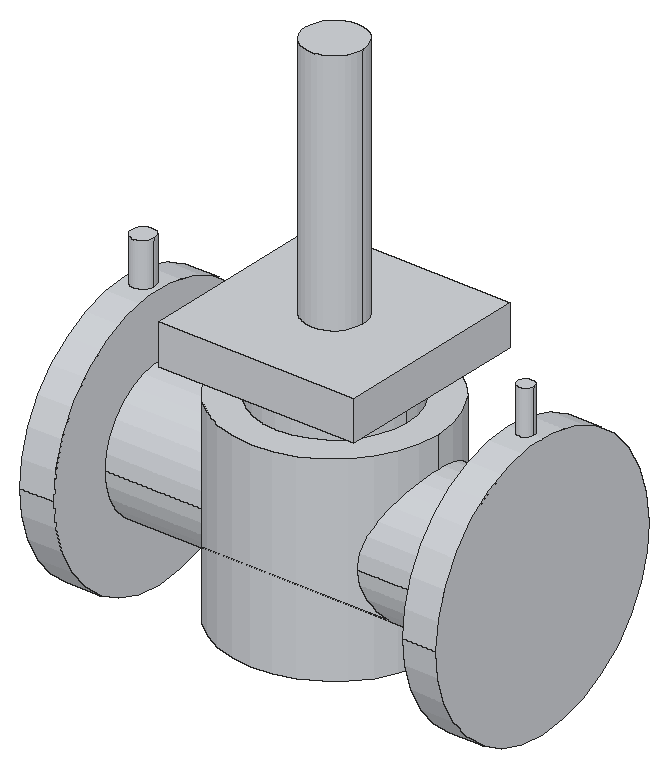
Revit family "OPTIMA_Compact_FLANGE_PN16_DN065-HF_RFA_2019", category Pipe Accessories, Revit 2019
Family settings
  Round Connector Dimension = Use Diameter
  Part Type = Valve - Breaks Into
  Work Plane-Based = No
  Always vertical = Yes
  Cut with Voids When Loaded = No
  Shared = No
Parameters (values of type "Optima Compact Flange PN16 DN065 HF")
  magiProductId = "Frese Optima Flange DN065 HF"
  magiProductFamilyId = "Frese Optima Flange *"
  magiPartTypeId = 304
  isMeasuringValve [instance] = no
  ang2D [instance] = 0.00°
  W2D = 50 mm
  VersionID = "2.0/2018.8.28.1/FRESE_OPTIMA_FLANGE_Q13_002"
  Use Minimum Symbol Size [instance] = yes
  URL = "www.hydronix.cz"
  Type Comments = "Přírubový; PN16; 0~120°C, s měřením"
  R4 = 50.75 mm
  R3 = 48.1 mm
  R1 = 72.5 mm
  QmdConnectorList = "301;D;302;D"
  Productdata [instance] = ""
  Manufacturer = "Hydronix"
  MC Product Code = "53-1211 (DN65 HF; 20mm; pohon min 1000N; Qmin-dpmin 6000l/h-30.0kPa; Qmax-dpmin 35000l/h-55.0kPa; dpmax 800kPa)"
  MC Piping Given Pressure Drop [instance] = 0.0 Pa
  LF__ve = -LF  # -23.2 mm
  LF2 = 11.6 mm
  LF = 23.2 mm
  L4 = 136.3 mm
  L3 = 243.6 mm
  L2D_Min = 3048 mm
  L2D = 230 mm
  L2 = 145 mm
  H6 = 171.25 mm
  H4 = 27.75 mm
  H3 = 23.125 mm
  H2 = 69.375 mm
  H1 = 138.75 mm
  Description = "Tlakově nezávislý 2-cestný regulační vyvažovací ventil (PICV)"
  DF2 = 92.5 mm
  D = 65 mm
  CAT0 = yes
Types (14, lengths in mm): name | magiProductId | magiProductFamilyId | W2D | Type Comments | R4 | R3 | R1 | MC Product Code | LF__ve | LF2 | LF | L4 | L3 | L2D | L2 | H6 | H4 | H3 | H2 | H1 | DF2 | D
  Optima Compact Flange PN16 DN050 LF | "Frese Optima Flange DN050 LF" | "Frese Optima Flange *" | 50 | "Přírubový; PN16; 0~120°C, s měřením" | 40.3 | 42.9 | 57.5 | "53-1200 (DN50 LF; 20mm; pohon min 1000N; Qmin-dpmin 2500l/h-6.5kPa; Qmax-dpmin 15000l/h-20.0kPa; dpmax 800kPa)" | -18.4 | 9.2 | 18.4 | 108.1 | 193.2 | 230 | 115 | 157.3 | 24.8 | 20.6 | 61.9 | 123.8 | 82.5 | 50
  Optima Compact Flange PN16 DN050 HF | "Frese Optima Flange DN050 HF" | "Frese Optima Flange *" | 50 | "Přírubový; PN16; 0~120°C, s měřením" | 40.25 | 42.9 | 57.5 | "53-1210 (DN50 HF; 20mm; pohon min 1000N; Qmin-dpmin 3900l/h-19.0kPa; Qmax-dpmin 24000l/h-50.0kPa; dpmax 800kPa)" | -18.4 | 9.2 | 18.4 | 108.1 | 193.2 | 230 | 115 | 157.25 | 24.75 | 20.625 | 61.875 | 123.75 | 82.5 | 50
  Optima Compact Flange PN16 DN065 LF | "Frese Optima Flange DN065 LF" | "Frese Optima Flange *" | 50 | "Přírubový; PN16; 0~120°C, s měřením" | 50.75 | 48.1 | 72.5 | "53-1201 (DN65 LF; 20mm; pohon min 1000N; Qmin-dpmin 4400l/h-15.0kPa; Qmax-dpmin 25000l/h-25.0kPa; dpmax 800kPa)" | -23.2 | 11.6 | 23.2 | 136.3 | 243.6 | 230 | 145 | 171.25 | 27.75 | 23.125 | 69.375 | 138.75 | 92.5 | 65
  Optima Compact Flange PN16 DN065 HF | "Frese Optima Flange DN065 HF" | "Frese Optima Flange *" | 50 | "Přírubový; PN16; 0~120°C, s měřením" | 50.75 | 48.1 | 72.5 | "53-1211 (DN65 HF; 20mm; pohon min 1000N; Qmin-dpmin 6000l/h-30.0kPa; Qmax-dpmin 35000l/h-55.0kPa; dpmax 800kPa)" | -23.2 | 11.6 | 23.2 | 136.3 | 243.6 | 230 | 145 | 171.25 | 27.75 | 23.125 | 69.375 | 138.75 | 92.5 | 65
  Optima Compact Flange PN16 DN080 LF | "Frese Optima Flange DN080 LF" | "Frese Optima Flange *" | 50 | "Přírubový; PN16; 0~120°C, s měřením" | 54.25 | 52 | 77.5 | "53-1202 (DN80 LF; 20mm; pohon min 1000N; Qmin-dpmin 5300l/h-16.0kPa; Qmax-dpmin 34000l/h-25.0kPa; dpmax 800kPa)" | -24.8 | 12.4 | 24.8 | 145.7 | 260.4 | 230 | 155 | 183 | 30 | 25 | 75 | 150 | 100 | 80
  Optima Compact Flange PN16 DN080 HF | "Frese Optima Flange DN080 HF" | "Frese Optima Flange *" | 50 | "Přírubový; PN16; 0~120°C, s měřením" | 54.25 | 52 | 77.5 | "53-1212 (DN80 HF; 20mm; pohon min 1000N; Qmin-dpmin 7000l/h-23.0kPa; Qmax-dpmin 43000l/h-50.0kPa; dpmax 800kPa)" | -24.8 | 12.4 | 24.8 | 145.7 | 260.4 | 230 | 155 | 183 | 30 | 25 | 75 | 150 | 100 | 80
  Optima Compact Flange PN16 DN100 LF | "Frese Optima Flange DN100 LF" | "Frese Optima Flange *" | 50 | "Přírubový; PN16; 0~120°C, s měřením" | 61.25 | 61.1 | 87.5 | "53-1203 (DN100 LF; 40mm; pohon min 1000N; Qmin-dpmin 12100l/h-20.0kPa; Qmax-dpmin 68000l/h-35.0kPa; dpmax 800kPa)" | -28 | 14 | 28 | 164.5 | 294 | 230 | 175 | 268.75 | 35.25 | 29.375 | 88.125 | 176.25 | 117.5 | 100
  Optima Compact Flange PN16 DN100 HF | "Frese Optima Flange DN100 HF" | "Frese Optima Flange *" | 50 | "Přírubový; PN16; 0~120°C, s měřením" | 61.25 | 61.1 | 87.5 | "53-1213 (DN100 HF; 40mm; pohon min 1000N; Qmin-dpmin 14800l/h-30.0kPa; Qmax-dpmin 90000l/h-75.0kPa; dpmax 800kPa)" | -28 | 14 | 28 | 164.5 | 294 | 230 | 175 | 268.75 | 35.25 | 29.375 | 88.125 | 176.25 | 117.5 | 100
  Optima Compact Flange PN16 DN125 LF | "Frese Optima Flange DN125 LF" | "Frese Optima Flange *" | 50 | "Přírubový; PN16; 0~120°C, s měřením" | 70 | 70.2 | 100 | "53-1204 (DN125 LF; 40mm; pohon min 1000N; Qmin-dpmin 18500l/h-16.0kPa; Qmax-dpmin 110000l/h-35.0kPa; dpmax 800kPa)" | -32 | 16 | 32 | 188 | 336 | 230 | 200 | 275.5 | 40.5 | 33.75 | 101.25 | 202.5 | 135 | 125
  Optima Compact Flange PN16 DN125 HF | "Frese Optima Flange DN125 HF" | "Frese Optima Flange *" | 50 | "Přírubový; PN16; 0~120°C, s měřením" | 70 | 70.2 | 100 | "53-1214 (DN125 HF; 40mm; pohon min 1000N; Qmin-dpmin 23000l/h-27.0kPa; Qmax-dpmin 135000l/h-53.0kPa; dpmax 800kPa)" | -32 | 16 | 32 | 188 | 336 | 230 | 200 | 275.5 | 40.5 | 33.75 | 101.25 | 202.5 | 135 | 125
  Optima Compact Flange PN16 DN150 LF | "Frese Optima Flange DN150 LF" | "Frese Optima Flange *" | 50 | "Přírubový; PN16; 0~110°C, s měřením" | 84 | 74.1 | 120 | "53-1205 (DN150 LF; 43mm; pohon min 1500N; Qmin-dpmin 25600l/h-21.0kPa; Qmax-dpmin 148000l/h-35.0kPa; dpmax 800kPa)" | -38.4 | 19.2 | 38.4 | 225.6 | 403.2 | 230 | 240 | 279.25 | 42.75 | 35.625 | 106.875 | 213.75 | 142.5 | 150
  Optima Compact Flange PN16 DN150 HF | "Frese Optima Flange DN150 HF" | "Frese Optima Flange *" | 50 | "Přírubový; PN16; 0~110°C, s měřením" | 84 | 74.1 | 120 | "53-1215 (DN150 HF; 43mm; pohon min 1500N; Qmin-dpmin 32000l/h-33.0kPa; Qmax-dpmin 195000l/h-65.0kPa; dpmax 800kPa)" | -38.4 | 19.2 | 38.4 | 225.6 | 403.2 | 230 | 240 | 279.25 | 42.75 | 35.625 | 106.875 | 213.75 | 142.5 | 150
  Optima Compact Flange PN16 DN200 LF | "" | "" | 100 | "Přírubový; PN16; 0~110°C, s měřením" | 164.5 | 98.8 | 235 | "53-1206 (DN200 LF; 43mm; pohon min 1500N; Qmin-dpmin 95000l/h-11.0kPa; Qmax-dpmin 210000l/h-32.0kPa; dpmax 800kPa)" | -48 | 24 | 48 | 282 | 504 | 350 | 300 | 281 | 57 | 15 | 209 | 380 | 190 | 200
  Optima Compact Flange PN16 DN200 HF | "" | "" | 100 | "Přírubový; PN16; 0~110°C, s měřením" | 164.5 | 98.8 | 235 | "53-1216 (DN200 HF; 43mm; pohon min 1500N; Qmin-dpmin 130000l/h-31.0kPa; Qmax-dpmin 280000l/h-78.0kPa; dpmax 800kPa)" | -48 | 24 | 48 | 282 | 504 | 350 | 300 | 281 | 57 | 15 | 209 | 380 | 190 | 200
Reference planes
  plane 1 "Center (Front/Back)": y = 0
  plane 2 "XYPLANE": z = 0
  plane 3 "Center (Left/Right)": x = 0
  plane 4 "157": x = 133.4
  plane 5 "156": x = -133.4
  plane 6 "155": z = 92.5
  plane 7 "154": z = 120.25
  plane 8 "153": z = 92.5
  plane 9 "152": z = 69.375
  plane 10 "151": x = -121.8
  plane 11 "150": z = -69.375
  plane 12 "149": x = 0
  plane 13 "148": y = 0
  plane 14 "147": z = 0
  plane 15 "146": x = -145
  plane 16 "145": x = 145
Forms (mm)
  Extrusion 1, solid, visible <- "CAT0"
    sketch origin (-750, 0, 92.5) x (1, 0, 0) y (0, 1, 0)
      loop
        circle (883.4, 0) r 5.5
    from 0 to 30
  Extrusion 2, solid, visible <- "CAT0"
    sketch origin (-750, 0, 92.5) x (1, 0, 0) y (0, 1, 0)
      loop
        circle (616.6, 0) r 7.9
    from 0 to 30
  Extrusion 3, solid, visible <- "CAT0"
    sketch origin (-750, 0, 120.25) x (1, 0, 0) y (0, 1, 0)
      loop
        circle (750, 0) r 20
    from 0 to 171.25 <- "H6"
  Extrusion 4, solid, visible <- "CAT0"
    sketch origin (-750, 0, 92.5) x (1, 0, 0) y (0, 1, 0)
      loop
        line (818.15, 68.15) -> (681.85, 68.15) -> (681.85, -68.15) -> (818.15, -68.15) -> (818.15, 68.15)
    from 0 to 27.75 <- "H4"
  Extrusion 5, solid, visible <- "CAT0"
    sketch origin (-750, 0, 69.375) x (1, 0, 0) y (0, 1, 0)
      loop
        circle (750, 0) r 50.75
    from 0 to 23.125 <- "H3"
  Extrusion 6, solid, visible <- "CAT0"
    sketch origin (-121.8, -750, 0) x (0, 1, 0) y (0, 0, 1)
      loop
        circle (750, 0) r 48.1
    from 0 to 243.6 <- "L3"
  Extrusion 7, solid, visible <- "CAT0"
    sketch origin (-750, 0, -69.375) x (1, 0, 0) y (0, 1, 0)
      loop
        circle (750, 0) r 72.5
    from 0 to 138.75 <- "H1"
  Extrusion 8, solid, visible <- "CAT0"
    sketch origin (-145, -750, 0) x (0, 1, 0) y (0, 0, 1)
      loop
        circle (750, 0) r 92.5
    from 0 to 23.2 <- "LF"
  Extrusion 9, solid, visible <- "CAT0"
    sketch origin (145, -750, 0) x (0, 1, 0) y (0, 0, 1)
      loop
        circle (750, 0) r 92.5
    from 0 to -23.2 <- "LF__ve"
  Extrusion 10, solid, not visible
    sketch origin (-145, -750, 0) x (0, 1, 0) y (0, 0, 1)
      loop
        circle (750, 0) r 10
    from 0 to 10
  Extrusion 11, solid, not visible
    sketch origin (145, -750, 0) x (0, 1, 0) y (0, 0, 1)
      loop
        circle (750, 0) r 10
    from 0 to -10
Lines and regions (mm)
  reference lines, not visible
    curve 1: circle (2, 2, 0) r 1 normal (0, 0, 1)
  reference lines
    curve 2: circle (0, 0, 92.5) r 1 normal (0, 0, 1)
Dimensions and locks
  plane 1 "Center (Front/Back)" to curve 1 = 2 mm
  "LF2": plane 16 "145" to plane 4 "157"
  "LF2": plane 15 "146" to plane 5 "156"
  "DF2": plane 2 "XYPLANE" to plane 6 "155"
  "H4": plane 8 "153" to plane 7 "154"
  "H3": plane 9 "152" to plane 8 "153"
  "H1": plane 11 "150" to plane 9 "152"
  "LF": plane 15 "146" to plane 10 "151"
  "H2": plane 2 "XYPLANE" to plane 11 "150"
  locked: plane 3 "Center (Left/Right)" to plane 12 "149"
  locked: plane 1 "Center (Front/Back)" to plane 13 "148"
  locked: plane 2 "XYPLANE" to plane 14 "147"
  "L2": plane 3 "Center (Left/Right)" to plane 15 "146"
  "L2": plane 3 "Center (Left/Right)" to plane 16 "145"
  equal spacing: Extrusion 4 sketch curve, curve 2, Extrusion 4 sketch curve  (x2)
  "L4": Extrusion 4 sketch curve to Extrusion 4 sketch curve  (x2)
  Extrusion 4 sketch curve to Extrusion 4 sketch curve = 0 mm  (x8)
  "R4": radius of Extrusion 5 sketch curve
  "R3": radius of Extrusion 6 sketch curve
  "R1": radius of Extrusion 7 sketch curve
  "DF2": radius of Extrusion 8 sketch curve
  "DF2": radius of Extrusion 9 sketch curve
  aligned and locked: level to plane 2 "XYPLANE"
  aligned and locked: plane 4 "157" to Extrusion 1 sketch curve
  aligned and locked: plane 13 "148" to Extrusion 1 sketch curve
  aligned and locked: plane 5 "156" to Extrusion 2 sketch curve
  aligned and locked: plane 13 "148" to Extrusion 2 sketch curve
  aligned and locked: plane 12 "149" to Extrusion 3 sketch curve
  aligned and locked: plane 13 "148" to Extrusion 3 sketch curve
  aligned and locked: plane 12 "149" to curve 2
  aligned and locked: plane 13 "148" to curve 2
  aligned and locked: plane 12 "149" to Extrusion 5 sketch curve
  aligned and locked: plane 13 "148" to Extrusion 5 sketch curve
  aligned and locked: Extrusion 6 sketch curve to plane 13 "148"
  aligned and locked: plane 14 "147" to Extrusion 6 sketch curve
  aligned and locked: plane 12 "149" to Extrusion 7 sketch curve
  aligned and locked: plane 13 "148" to Extrusion 7 sketch curve
  aligned and locked: Extrusion 8 sketch curve to plane 13 "148"
  aligned and locked: plane 14 "147" to Extrusion 8 sketch curve
  aligned and locked: Extrusion 9 sketch curve to plane 13 "148"
  aligned and locked: plane 14 "147" to Extrusion 9 sketch curve
  aligned and locked: Extrusion 10 sketch curve to plane 13 "148"
  aligned and locked: plane 14 "147" to Extrusion 10 sketch curve
  aligned and locked: Extrusion 11 sketch curve to plane 13 "148"
  aligned and locked: plane 14 "147" to Extrusion 11 sketch curve
Automatic sketch dimensions
  Extrusion 1 sketch curve to plane 4 "157" = 5.5 mm
  plane 15 "146" to Extrusion 2 sketch curve = 3.7 mm
  Extrusion 3 sketch curve to plane 3 "Center (Left/Right)" = 20 mm
  plane 1 "Center (Front/Back)" to Extrusion 10 sketch curve = 10 mm
  plane 1 "Center (Front/Back)" to Extrusion 11 sketch curve = 10 mm
  plane 3 "Center (Left/Right)" to curve 1 = 2 mm
  plane 10 "151" to Extrusion 4 sketch curve = 53.65 mm
  plane 1 "Center (Front/Back)" to Extrusion 4 sketch curve = 68.15 mm
  radius of curve 2 = 1 mm
  radius of curve 1 = 1 mm
Connectors
  piping at (-145, 0, 0), diameter 65, driven by "D"
    settings: on Extrusion 10, index 1, connector inside diameter 609.6 mm, connector length 0 mm, flow factor 0, pipe flow 0.0 L/s, pressure drop 0.0 Pa, fitting loss kfactor 0, connector angle 0.00°, fixture units 0, engagement length 0 mm, angle of deflection 0.00°, flow configuration 0, flow direction 0, fitting loss method 0, system type 29, joint type 0, gender type 0, connector reference index 2, connector utility 0, adjustable connector no, is connector primary yes, connector description ""
  piping at (145, 0, 0), diameter 65, driven by "D"
    settings: on Extrusion 11, index 2, connector inside diameter 609.6 mm, connector length 0 mm, flow factor 0, pipe flow 0.0 L/s, pressure drop 0.0 Pa, fitting loss kfactor 0, connector angle 0.00°, fixture units 0, engagement length 0 mm, angle of deflection 0.00°, flow configuration 0, flow direction 0, fitting loss method 0, system type 29, joint type 0, gender type 0, connector reference index 1, connector utility 0, adjustable connector no, is connector primary no, connector description ""
